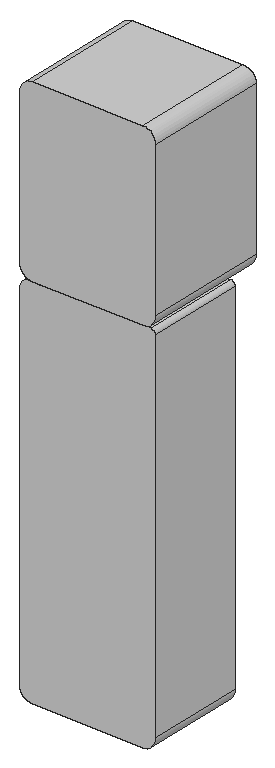
Revit family "Building-IEC309Boards-GEWISS-68QDIN-DISTRIBUTION-BOARD-5MOD_2SOCKET-OUTLETS", category Attrezzatura elettrica, host Muro, Revit 2016
Family settings
  Host = Muro
  Configurazione quadro = Due colonne, circuiti in orizzontale
  Tipo di parte = Pannello comandi
  Quota connettore circolare = Usa diametro
  Numero OmniClass = 23.80.30.11.17
  Titolo OmniClass = Distribution Boards and Control Panels
  Sempre verticale = Sì
  Taglio con vuoti quando caricato = No
  Condiviso = No
  Punto di calcolo locali = No
Parameters (values of type "GW68020N - Q-DIN 5M 2 FLANGES 16/32A IP65")
  Voltaggio = "400"
  Vista di pianta [instance] = yes
  Vetro = GEWISS - VETRO
  Version type = "Empty"
  Version file RFA = "18.0"
  URL = "https://www.gewiss.com/ww/en"
  Thermo-pressure with ball = "70 °C"
  Technical sheet = "https://www.gewiss.com/ww/en/search?q=GW68020N"
  Struttura = GEWISS - Grigio RAL - 7035
  Spessore = 96 mm
  Simbolo [instance] = yes
  Shock resistance = "IK08"
  SEO = "Board"
  Realized by GEWISS S.p.A. = ""
  Produttore = "GEWISS S.p.A."
  Presa = GEWISS - Grigio RAL - 7035
  Potenza = 400 V
  Operating temperature: = "-25 +40 °C"
  Offset etichetta nome quadro [instance] = 125 mm
  Numero poli = 3
  No. of provided blank lids = "1 IEC 16/32A"
  No. of modules EN 50022 = "5"
  Modello = "GW68020N"
  Lunghezza = 105 mm
  Insulation class = "II"
  Installation type = "Surface-mounting"
  Immagine tipo = GW68020N.jpg
  IP degree = "IP65"
  IFC.TypeObject = ""
  IFC.ExportType = ""
  IFC.ExportAs = ""
  IDT = "5140f011-8991-4eb1-9962-5876152ff894"
  IDF = "6033185f-b6a3-49e4-a32a-d265767e866c"
  Houseable socket = "2 IEC 309 16/32A IP44/67"
  Glow Wire Test = "650°C"
  GW – Nome quadro [instance] = "NOME"
  Electrocod = "2242"
  ETICHETTA NOME QUADRO [instance] = yes
  EAN code = "8011564747548"
  Distanza orizzontale del simbolo [instance] = 0 mm
  Distanza dal muro [instance] = 0 mm
  Dispersible power B (W) = "37"
  Dispersible power A (W) = "10"
  Descrizione = "Q-DIN 5M 2 FLANGES 16/32A IP65"
  Cornice simbolo [instance] = no
  Colour = "Grey RAL 7035"
  Classificazione carico = Altro
  Catalogue Range = "68 QDIN"
  Catalogue = "BUILDING"
  Carico apparente = 0 VA
  COBie.Tagnumber = ""
  COBie.CreatedOn = ""
  COBie.CreatebBy = ""
  COBie.ComponentRegisterItemID = ""
  COBie.Component.TagNumber = ""
  COBie.Component.Space = ""
  COBie.Component.SerialNumber = ""
  COBie.Component.InstallationDate = ""
  COBie.Component.Description = ""
  COBie.Component.BarCode = ""
  Altezza scatole = 292 mm
  Altezza quadro = 138 mm
  Altezza da terra = 589.057 mm
  Accordance with Standards = "EN 60208 - EN 60670-1 - IEC 60670-24"
Reference planes
  plane 1 "Muro": y = 0
  plane 2 "Centro (Sinistra/Destra)": x = 125
  plane 3 "Indietro": y = 75
  plane 4: z = 589.057
  plane 5: x = 125
  plane 6: y = 200
Lines and regions (mm)
  Masking region 1, visible <- "Vista di pianta"
    outline origin (0, 0, 0) x (1, 0, 0) y (0, 1, 0)
      loop
        line (177.5, 171) -> (72.5, 171) -> (72.5, 75) -> (177.5, 75) -> (177.5, 171)
  Masking region 2
    outline origin (125, 0, 0) x (0, 1, 0) y (0, 0, 1)
      loop
        line (151.196, 181.057) -> (151.196, 451.057) -> (75, 451.057) -> (75, 181.057) -> (151.196, 181.057)
  Masking region 3
    outline origin (125, 0, 0) x (0, 1, 0) y (0, 0, 1)
      loop
        line (75, 589.057) -> (75, 451.057) -> (171, 451.057) -> (171, 589.057) -> (75, 589.057)
      loop
        line (158.126, 310.872) -> (158.126, 405.717) -> (151.196, 405.717) -> (151.196, 310.872) -> (158.126, 310.872)
      loop
        line (162.126, 270.889) -> (155.196, 270.889) -> (155.196, 175.907) -> (162.126, 175.907) -> (162.126, 270.889)
Text (mm)
  text "Lato posizionamento" at (-1848.837, 1116.779, 0), in view "Livello rif."
  text "Lato posizionamento" at (0, 1409.804, 2854.306), in view "Sinistra"
  text "Lato posizionamento" at (0, 499.811, 2980.732), in view "Destra"
Dimensions and locks
  locked: plane 3 "Indietro" to host wall
  "Altezza da terra": level to plane 4
  "Distanza orizzontale del simbolo": plane 5 to plane 2 "Centro (Sinistra/Destra)"
  "Offset etichetta nome quadro": plane 6 to host wall
  aligned and locked: plane 1 "Muro" to host wall
  aligned and locked: nested 1 to plane 3 "Indietro"
  aligned and locked: plane 4 to nested 1
  aligned and locked: plane 5 to nested 2
  aligned and locked: nested 3 to plane 6
  aligned and locked: plane 3 "Indietro" to nested 1  (x2)
  aligned and locked: plane 3 "Indietro" to Masking region 1
  aligned and locked: nested 1 to Masking region 2 sketch curve
  aligned and locked: Masking region 2 sketch curve to nested 1  (x2)
  aligned and locked: Masking region 3 sketch curve to nested 1  (x11)
  aligned and locked: nested 1 to Masking region 3 sketch curve
  aligned and locked: plane 4 to nested 4
  aligned and locked: plane 2 "Centro (Sinistra/Destra)" to nested 4
Automatic sketch dimensions
  Masking region 1 sketch curve to host wall = 0 mm
  Masking region 1 sketch curve to plane 2 "Centro (Sinistra/Destra)" = 52.5 mm
  plane 2 "Centro (Sinistra/Destra)" to Masking region 1 sketch curve = 52.5 mm
  Masking region 1 sketch curve to Masking region 1 sketch curve = 96 mm
  level to Masking region 2 sketch curve = 181.057 mm
Nested families
  nested 1: "QDIN5 QUADRO  2 PRESE IND" at (125, 75, -430) x (-1, 0, 0) z (0, 0, 1), type "QDIN5 QUADRO  2 PRESE IND"
  nested 2: "CENTRALINO" at (125, 94.981, 0), Distanza dal muro <- "Distanza dal muro", BORDO ACCESO <- "Cornice simbolo", SIMBOLO ACCESO <- "Simbolo", type "CENTRALINO"
    with SIMBOLO ACCESO yes, Distanza dal muro 0 mm, BORDO ACCESO no
  nested 3: "NOME QUADRO" at (125, 200, 0), TXT <- "GW – Nome quadro", visible <- "ETICHETTA NOME QUADRO", type "NOME QUADRO"
    with TXT "NOME"
  nested 4: "2D - QDIN15 X2" at (125, 0, 159.057) x (1, 0, 0) z (0, -1, 0), type "BIDIMENSIONALE"
Connectors
  electrical at (125, 113.098, 159.057), driven by "Numero poli", driven by "Classificazione carico", driven by "Potenza", driven by "Carico apparente"
    settings: on nested 1, index 1, voltage 400 V, apparent load 0 VA, apparent load phase1 0 VA, apparent load phase2 0 VA, apparent load phase3 0 VA, power factor 1, load classification "Altro", number of poles 3, system type 31, power factor state 1, is connector primary yes, connector utility no, sub classification motor no, connector description ""
Definition of nested family "QDIN5 QUADRO  2 PRESE IND"
  Parameters (values of type "QDIN5 QUADRO  2 PRESE IND")
    Vetro = none
    Struttura = none
    Spessore = 96 mm
    Default Elevation = 14 mm
    Presa = none
    Lunghezza = 105 mm
    IFC.TypeObject = ""
    IFC.ExportType = ""
    IFC.ExportAs = ""
    H_da terra = 589.057 mm
    COBie.CreatedOn = ""
    COBie.CreatebBy = ""
    COBie.ComponentRegisterItemID = ""
    COBie.Component.TagNumber = ""
    COBie.Component.Space = ""
    COBie.Component.SerialNumber = ""
    COBie.Component.InstallationDate = ""
    COBie.Component.Description = ""
    COBie.Component.BarCode = ""
    Altezza scatole = 292 mm
    Altezza quadro = 138 mm
    Altezza = 258 mm
  Reference planes
    plane 1 "Centro (Fronte/Retro)": y = 0
    plane 2: z = 0
    plane 3 "Centro (Sinistra/Destra)": x = 0
    plane 4 "s": y = -96
    plane 5: z = 589.057
    plane 6: z = 1019.057
    plane 7: x = -52.5
    plane 8: x = 52.5
    plane 9: z = 881.057
    plane 10: y = -76.196
    plane 11: x = 37.506
    plane 12: z = 599.571
    plane 13: x = -37.506
    plane 14: x = -50.097
    plane 15: x = 50.089
    plane 16: z = 890.557
    plane 17: z = 980.52
    plane 18: y = -42.089
    plane 19: y = -83.126
    plane 20: z = 700.889
    plane 21: z = 605.907
    plane 22: z = 740.872
    plane 23: z = 842.027
  Forms (mm)
    Extrusion 1, solid, material <- "Struttura"
      sketch origin (0, 0, 0) x (1, 0, 0) y (0, 0, 1)
        loop
          arc (-42.5, 1019.057) -> (-49.571, 1016.128) -> (-52.5, 1009.057) r 10
          line (-52.5, 1009.057) -> (-52.5, 891.057)
          arc (-52.5, 891.057) -> (-49.571, 883.986) -> (-42.5, 881.057) r 10
          line (-42.5, 881.057) -> (42.5, 881.057)
          arc (42.5, 881.057) -> (49.571, 883.986) -> (52.5, 891.057) r 10
          line (52.5, 891.057) -> (52.5, 1009.057)
          arc (52.5, 1009.057) -> (49.571, 1016.128) -> (42.5, 1019.057) r 10
          line (42.5, 1019.057) -> (-42.5, 1019.057)
      from 0 to 96
    Extrusion 2, solid, material <- "Struttura"
      sketch origin (0, 0, 0) x (1, 0, 0) y (0, 0, 1)
        loop
          line (44.95, 881.057) -> (-48.88, 881.057)
          arc (-48.88, 881.057) -> (-51.44, 879.997) -> (-52.5, 877.437) r 3.62
          line (-52.5, 877.437) -> (-52.5, 599.057)
          arc (-52.5, 599.057) -> (-49.571, 591.986) -> (-42.5, 589.057) r 10
          line (-42.5, 589.057) -> (42.5, 589.057)
          arc (42.5, 589.057) -> (49.571, 591.986) -> (52.5, 599.057) r 10
          line (52.5, 599.057) -> (52.5, 873.507)
          arc (52.5, 873.507) -> (50.289, 878.845) -> (44.95, 881.057) r 7.55
      from 0 to 76.196
    Extrusion 3, void
      sketch origin (0, 0, 0) x (1, 0, 0) y (0, 0, 1)
        loop
          line (-50.097, 980.52) -> (-50.097, 890.557) -> (50.089, 890.557) -> (50.089, 980.52) -> (-50.097, 980.52)
      from 42.089 to 96
    Extrusion 4, solid, material <- "Vetro", detail levels fine
      sketch origin (0, 0, 0) x (1, 0, 0) y (0, 0, 1)
        loop
          line (-50.097, 980.52) -> (-50.097, 890.557) -> (50.089, 890.557) -> (50.089, 980.52) -> (-50.097, 980.52)
      from 83.126 to 96
    Extrusion 5, solid, material <- "Presa", detail levels fine
      sketch origin (0, 0, 0) x (1, 0, 0) y (0, 0, 1)
        loop
          line (-37.506, 835.717) -> (-37.506, 740.872) -> (37.506, 740.872) -> (37.506, 835.717) -> (-37.506, 835.717)
      from 76.196 to 83.126
    Extrusion 6, solid, material <- "Presa", detail levels fine
      sketch origin (0, 0, -135) x (1, 0, 0) y (0, 0, 1)
        loop
          line (-37.506, 835.889) -> (-37.506, 740.907) -> (37.506, 740.907) -> (37.506, 835.889) -> (-37.506, 835.889)
      from 80.196 to 87.126
  Cuts and joins
    Extrusion 3 cuts Extrusion 1
  Dimensions and locks
    "Spessore": plane 4 "s" to plane 1 "Centro (Fronte/Retro)"
    "H_da terra": plane 5 to level
    equal spacing: plane 7, plane 3 "Centro (Sinistra/Destra)", plane 8
    "Lunghezza": plane 7 to plane 8
    "Altezza quadro": plane 6 to plane 9
    "Altezza scatole": plane 9 to plane 5
    plane 4 "s" to plane 1 "Centro (Fronte/Retro)" = 96 mm
    locked: plane 4 "s" to plane 10 at 19.804
    locked: plane 11 to plane 8 at 14.994
    locked: plane 12 to plane 5 at 10.514
    locked: plane 13 to plane 7 at 14.994
    locked: plane 6 to plane 17 at 38.537
    locked: plane 16 to plane 9 at 9.5
    locked: plane 7 to plane 14 at 2.403
    locked: plane 15 to plane 8 at 2.411
    locked: plane 4 "s" to plane 18 at 53.911
    locked: plane 4 "s" to plane 19 at 12.874
    locked: plane 9 to plane 23 at 39.03
    locked: plane 22 to plane 20 at 39.983
    aligned and locked: level to plane 2
    aligned and locked: Extrusion 1 sketch curve to plane 6
    aligned and locked: Extrusion 1 sketch curve to plane 8
    aligned and locked: Extrusion 1 sketch curve to plane 7
    aligned and locked: plane 9 to Extrusion 1 sketch curve
    aligned and locked: Extrusion 1 to plane 4 "s"
    aligned and locked: Extrusion 2 sketch curve to plane 9
    aligned and locked: Extrusion 2 sketch curve to plane 8
    aligned and locked: Extrusion 2 sketch curve to plane 7
    aligned and locked: Extrusion 2 sketch curve to plane 5
    aligned and locked: Extrusion 2 to plane 10
    aligned and locked: Extrusion 3 sketch curve to plane 17
    aligned and locked: plane 15 to Extrusion 3 sketch curve
    aligned and locked: plane 14 to Extrusion 3 sketch curve
    aligned and locked: Extrusion 3 sketch curve to plane 16
    aligned and locked: plane 18 to cut or joined group of Extrusion 1, Extrusion 3
    aligned and locked: Extrusion 3 to plane 4 "s"
    aligned and locked: Extrusion 4 sketch curve to plane 17
    aligned and locked: plane 15 to Extrusion 4 sketch curve
    aligned and locked: Extrusion 4 sketch curve to plane 16
    aligned and locked: plane 14 to Extrusion 4 sketch curve
    aligned and locked: Extrusion 4 to plane 4 "s"
    aligned and locked: plane 19 to Extrusion 4
    aligned and locked: Extrusion 5 sketch curve to plane 11
    aligned and locked: Extrusion 5 sketch curve to plane 13
    aligned and locked: plane 22 to Extrusion 5 sketch curve
    aligned and locked: Extrusion 6 to plane 20
    aligned and locked: plane 21 to Extrusion 6
    aligned and locked: plane 11 to Extrusion 6
    aligned and locked: Extrusion 6 to plane 13
  Automatic sketch dimensions
    Extrusion 1 sketch curve to plane 16 = 0.5 mm
    Extrusion 1 sketch curve to plane 13 = 4.994 mm
    plane 11 to Extrusion 1 sketch curve = 4.994 mm  (x2)
    Extrusion 2 sketch curve to plane 14 = 1.217 mm
    Extrusion 2 sketch curve to plane 13 = 4.994 mm
    Extrusion 2 sketch curve to plane 12 = 0.514 mm
    plane 15 to Extrusion 2 sketch curve = 5.139 mm
    Extrusion 6 sketch curve to plane 13 = 0 mm
    Extrusion 6 sketch curve to plane 11 = 0 mm
    plane 21 to Extrusion 6 sketch curve = 0 mm
    plane 20 to Extrusion 6 sketch curve = 0 mm
    plane 23 to Extrusion 5 sketch curve = 6.31 mm
Definition of nested family "CENTRALINO"
  Parameters (values of type "CENTRALINO")
    SIMBOLO ACCESO [instance] = yes
    Distanza dal muro [instance] = 0 mm
    BORDO ACCESO [instance] = yes
  Reference planes
    plane 1: y = 0
    plane 2: x = 0
  Dimensions and locks
    "Distanza dal muro": plane 1 to nested 1
    aligned and locked: plane 2 to nested 1
  Nested families
    nested 1: "CENTRALINO_BASE" at (0, 0, 0), BORDO ACCESO <- "BORDO ACCESO", visible <- "SIMBOLO ACCESO", type "CENTRALINO"
      with BORDO ACCESO yes
  Definition of nested family "CENTRALINO_BASE"
    Parameters (values of type "CENTRALINO")
      Distanza dal muro = 0 mm
      BORDO ACCESO [instance] = yes
    Reference planes
      plane 1: y = 0
      plane 2: x = 0
    Lines and regions (mm)
      detail lines, visible <- "BORDO ACCESO", not visible
        curve 1: line (-2.443, 10.208, 0) -> (2.057, 10.208, 0)
        curve 2: line (2.057, 10.208, 0) -> (2.057, 4.208, 0)
        curve 3: line (2.057, 4.208, 0) -> (-2.443, 4.208, 0)
        curve 4: line (-2.443, 4.208, 0) -> (-2.443, 10.208, 0)
        curve 5: line (-2.043, 9.808, 0) -> (1.657, 9.808, 0)
        curve 6: line (1.657, 9.808, 0) -> (1.657, 4.608, 0)
        curve 7: line (1.657, 4.608, 0) -> (-2.043, 4.608, 0)
        curve 8: line (-2.043, 4.608, 0) -> (-2.043, 9.808, 0)
      detail lines
        curve 9: line (0, 0.905, 0) -> (0, 0.235, 0)
        curve 10: line (0.659, 0.905, 0) -> (0.659, 1.564, 0)
        curve 11: line (0.659, 1.564, 0) -> (-0.659, 1.564, 0)
        curve 12: line (-0.659, 1.564, 0) -> (-0.659, 0.905, 0)
        curve 13: line (-0.659, 0.905, 0) -> (0.659, 0.905, 0)
        curve 14: line (0.497, 1.564, 0) -> (0.497, 2.235, 0)
        curve 15: line (0.167, 1.564, 0) -> (0.167, 2.235, 0)
        curve 16: line (-0.162, 1.564, 0) -> (-0.162, 2.235, 0)
        curve 17: line (-0.491, 1.564, 0) -> (-0.491, 2.235, 0)
Definition of nested family "NOME QUADRO"
  Parameters (values of type "NOME QUADRO")
    TXT [instance] = ""
  Reference planes
    plane 1: y = 0
    plane 2: x = 0
  Text (mm)
    label "NOME QUADRO" at (0.217, 0.029, 0), shows "TXT"
Definition of nested family "2D - QDIN15 X2"
  Reference planes
    plane 1 "Centro (Fronte/Retro)": y = 0
    plane 2: z = 0
    plane 3 "Centro (Sinistra/Destra)": x = 0
  Lines and regions (mm)
    model lines, in view "Livello rif."
      curve 1: arc (-50.119, 290.737, 0) -> (-49.817, 290.014, 0) -> (-49.092, 289.715, 0) r 1.027
      curve 2: arc (49.043, 289.715, 0) -> (49.75, 290.008, 0) -> (50.043, 290.715, 0) r 1
      curve 3: arc (42.5, 0, 0) -> (49.571, 2.929, 0) -> (52.5, 10, 0) r 10
      curve 4: arc (52.5, 420, 0) -> (49.571, 427.071, 0) -> (42.5, 430, 0) r 10
      curve 5: arc (-42.5, 430, 0) -> (-49.571, 427.071, 0) -> (-52.5, 420, 0) r 10
      curve 6: arc (-52.5, 10, 0) -> (-49.571, 2.929, 0) -> (-42.5, 0, 0) r 10
      curve 7: arc (52.5, 420, 0) -> (49.571, 427.071, 0) -> (42.5, 430, 0) r 10
      curve 8: arc (-42.5, 430, 0) -> (-49.571, 427.071, 0) -> (-52.5, 420, 0) r 10
      curve 9: arc (-26.88, 307.036, 0) -> (-27.34, 306.408, 0) -> (-27.499, 305.647, 0) r 1.835
      curve 10: arc (-15, 311.486, 0) -> (-21.344, 310.338, 0) -> (-26.88, 307.036, 0) r 18.067
      curve 11: arc (26.88, 307.036, 0) -> (21.344, 310.338, 0) -> (15, 311.486, 0) r 18.067
      curve 12: arc (27.499, 305.647, 0) -> (27.34, 306.408, 0) -> (26.88, 307.036, 0) r 1.835
      curve 13: arc (27.5, 302, 0) -> (27.646, 301.646, 0) -> (28, 301.5, 0) r 0.5
      curve 14: arc (-28, 301.5, 0) -> (-27.646, 301.646, 0) -> (-27.5, 302, 0) r 0.5
      curve 15: arc (15.085, 293.121, 0) -> (17.116, 293.221, 0) -> (19.13, 293.501, 0) r 22.859
      curve 16: arc (-19.13, 293.501, 0) -> (-17.117, 293.221, 0) -> (-15.086, 293.121, 0) r 22.858
      curve 17: line (50.06, 290.715, 0) -> (50.06, 396.677, 0)
      curve 18: line (49.043, 289.715, 0) -> (22.35, 289.715, 0)
      curve 19: line (22.35, 289.715, 0) -> (-49.092, 289.715, 0)
      curve 20: line (-49.092, 289.715, 0) -> (-22.35, 289.715, 0)
      curve 21: line (50.06, 301.5, 0) -> (-50.119, 301.5, 0)
      curve 22: line (50.06, 300.191, 0) -> (-50.119, 300.191, 0)
      curve 23: line (-50.119, 290.737, 0) -> (-50.119, 396.677, 0)
      curve 24: line (-50.119, 396.677, 0) -> (50.06, 396.677, 0)
      curve 25: line (52.5, 420, 0) -> (52.5, 10, 0)
      curve 26: line (-42.5, 430, 0) -> (42.5, 430, 0)
      curve 27: line (42.5, 430, 0) -> (-42.5, 430, 0)
      curve 28: line (-52.5, 420, 0) -> (-52.5, 10, 0)
      curve 29: line (-52.5, 10, 0) -> (-52.5, 420, 0)
      curve 30: line (-42.5, 0, 0) -> (42.5, 0, 0)
      curve 31: line (-15, 311.486, 0) -> (15, 311.486, 0)
      curve 32: line (-27.5, 302, 0) -> (-27.5, 305.647, 0)
      curve 33: line (27.5, 302, 0) -> (27.5, 305.647, 0)
      curve 34: line (-15.086, 293.121, 0) -> (15.085, 293.121, 0)
      curve 35: line (-45, 370.526, 0) -> (-45, 325.474, 0)
      curve 36: line (-45, 325.474, 0) -> (45, 325.474, 0)
      curve 37: line (45, 325.474, 0) -> (45, 370.526, 0)
      curve 38: line (45, 370.526, 0) -> (-45, 370.526, 0)
      curve 39: line (19.13, 293.501, 0) -> (20.301, 293.813, 0)
      curve 40: line (20.301, 293.813, 0) -> (21.454, 294.202, 0)
      curve 41: line (21.454, 294.202, 0) -> (22.579, 294.666, 0)
      curve 42: line (22.579, 294.666, 0) -> (23.13, 294.926, 0)
      curve 43: line (23.13, 294.926, 0) -> (23.673, 295.204, 0)
      curve 44: line (23.673, 295.204, 0) -> (24.206, 295.499, 0)
      curve 45: line (24.206, 295.499, 0) -> (24.729, 295.813, 0)
      curve 46: line (24.729, 295.813, 0) -> (25.239, 296.141, 0)
      curve 47: line (25.239, 296.141, 0) -> (25.735, 296.485, 0)
      curve 48: line (25.735, 296.485, 0) -> (26.217, 296.842, 0)
      curve 49: line (26.217, 296.842, 0) -> (26.683, 297.213, 0)
      curve 50: line (26.683, 297.213, 0) -> (27.126, 297.592, 0)
      curve 51: line (27.126, 297.592, 0) -> (27.55, 297.981, 0)
      curve 52: line (27.55, 297.981, 0) -> (27.932, 298.359, 0)
      curve 53: line (27.932, 298.359, 0) -> (28.279, 298.731, 0)
      curve 54: line (28.279, 298.731, 0) -> (28.545, 299.046, 0)
      curve 55: line (28.545, 299.046, 0) -> (28.744, 299.309, 0)
      curve 56: line (28.744, 299.309, 0) -> (28.946, 299.645, 0)
      curve 57: line (28.946, 299.645, 0) -> (29.005, 299.813, 0)
      curve 58: line (-19.13, 293.501, 0) -> (-20.301, 293.813, 0)
      curve 59: line (-20.301, 293.813, 0) -> (-21.454, 294.202, 0)
      curve 60: line (-21.454, 294.202, 0) -> (-22.58, 294.666, 0)
      curve 61: line (-22.58, 294.666, 0) -> (-23.13, 294.926, 0)
      curve 62: line (-23.13, 294.926, 0) -> (-23.673, 295.204, 0)
      curve 63: line (-23.673, 295.204, 0) -> (-24.206, 295.499, 0)
      curve 64: line (-24.206, 295.499, 0) -> (-24.729, 295.812, 0)
      curve 65: line (-24.729, 295.812, 0) -> (-25.238, 296.141, 0)
      curve 66: line (-25.238, 296.141, 0) -> (-25.735, 296.485, 0)
      curve 67: line (-25.735, 296.485, 0) -> (-26.216, 296.842, 0)
      curve 68: line (-26.216, 296.842, 0) -> (-26.682, 297.213, 0)
      curve 69: line (-26.682, 297.213, 0) -> (-27.126, 297.592, 0)
      curve 70: line (-27.126, 297.592, 0) -> (-27.55, 297.981, 0)
      curve 71: line (-27.55, 297.981, 0) -> (-27.932, 298.359, 0)
      curve 72: line (-27.932, 298.359, 0) -> (-28.278, 298.731, 0)
      curve 73: line (-28.278, 298.731, 0) -> (-28.545, 299.046, 0)
      curve 74: line (-28.545, 299.046, 0) -> (-28.744, 299.309, 0)
      curve 75: line (-28.744, 299.309, 0) -> (-28.946, 299.646, 0)
      curve 76: line (-28.946, 299.646, 0) -> (-29.005, 299.813, 0)
      curve 77: arc (39.929, 238.518, 0) -> (36.868, 245.909, 0) -> (29.477, 248.97, 0) r 10.452
      curve 78: arc (29.477, 153.989, 0) -> (36.868, 157.05, 0) -> (39.929, 164.441, 0) r 10.452
      curve 79: arc (-40.072, 164.441, 0) -> (-37.011, 157.05, 0) -> (-29.62, 153.989, 0) r 10.452
      curve 80: arc (-29.62, 248.97, 0) -> (-37.011, 245.909, 0) -> (-40.072, 238.518, 0) r 10.452
      curve 81: line (-40.072, 164.441, 0) -> (-40.072, 238.518, 0)
      curve 82: line (-29.62, 248.97, 0) -> (29.477, 248.97, 0)
      curve 83: line (39.929, 238.518, 0) -> (39.929, 164.441, 0)
      curve 84: circle (-29.758, 163.113, 0) r 3.106 normal (0, 0, 1)
      curve 85: circle (-29.758, 239.62, 0) r 3.106 normal (0, 0, 1)
      curve 86: circle (29.671, 162.664, 0) r 3.106 normal (0, 0, 1)
      curve 87: circle (29.671, 239.17, 0) r 3.106 normal (0, 0, 1)
      curve 88: line (-29.62, 153.989, 0) -> (29.477, 153.989, 0)
      curve 89: arc (39.929, 103.554, 0) -> (36.868, 110.944, 0) -> (29.477, 114.006, 0) r 10.452
      curve 90: arc (29.477, 19.024, 0) -> (36.868, 22.086, 0) -> (39.929, 29.476, 0) r 10.452
      curve 91: arc (-40.072, 29.476, 0) -> (-37.011, 22.086, 0) -> (-29.62, 19.024, 0) r 10.452
      curve 92: arc (-29.62, 114.006, 0) -> (-37.011, 110.944, 0) -> (-40.072, 103.554, 0) r 10.452
      curve 93: line (-40.072, 29.476, 0) -> (-40.072, 103.554, 0)
      curve 94: line (-29.62, 114.006, 0) -> (29.477, 114.006, 0)
      curve 95: line (39.929, 103.554, 0) -> (39.929, 29.476, 0)
      curve 96: circle (-29.758, 28.149, 0) r 3.106 normal (0, 0, 1)
      curve 97: circle (-29.758, 104.655, 0) r 3.106 normal (0, 0, 1)
      curve 98: circle (29.671, 27.699, 0) r 3.106 normal (0, 0, 1)
      curve 99: circle (29.671, 104.206, 0) r 3.106 normal (0, 0, 1)
      curve 100: line (-29.62, 19.024, 0) -> (29.477, 19.024, 0)
